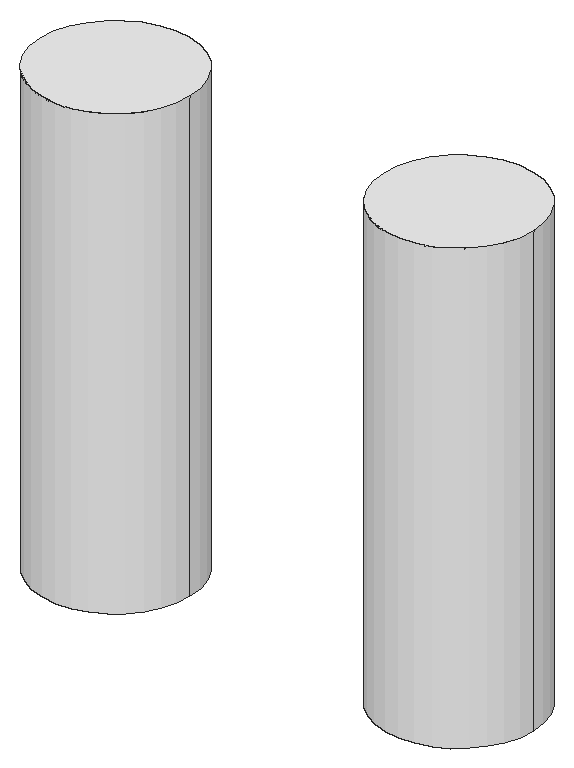
Revit family "92202009(2023)", category Plumbing Fixtures, Revit 2020
Family settings
  Round Connector Dimension = Use Diameter
  Part Type = Normal
  OmniClass Number = 23.45.55.00
  OmniClass Title = Sanitary Faucets, Wastes
  Work Plane-Based = No
  Always vertical = Yes
  Cut with Voids When Loaded = No
  Shared = No
  Room Calculation Point = No
Parameters (values of type "92202009 Washbasin faucet, 230/9 V, Bluetooth")
  Working Pressure = "100 - 1000 kPa"
  WarrantyStartDate [instance] = "n/a"
  WarrantyGuarantorParts = "n/a"
  WarrantyGuarantorLabor = "n/a"
  WarrantyDurationUnit = "Year"
  WarrantyDurationParts = "n/a"
  WarrantyDurationLabor = "n/a"
  WarrantyDescription = "http://warranty.hansa.com"
  Warranty Information URL = "http://warranty.hansa.com"
  VersionDate = "01/06/2023"
  Version = "1"
  ValvePattern = "n/a"
  ValveOperation = "n/a"
  ValveMechanism = "n/a"
  Uniclass2015Reference = "Pr_40_20_87_96"
  Uniclass2015Description = "Washbasin manual water supply sets"
  Uniclass2 = "Pr_40_30_96_96"
  URL WEEE = "http://static.hansa.com/WEEE/92202009"
  URL UWL = "http://static.hansa.com/UWL/92202009"
  URL REACH = "http://static.hansa.com/doc/reach"
  URL EcoLabel Declaration = "http://static.hansa.com/doc/EcoLabel"
  URL EU Packaging Declaration = "http://static.hansa.com/doc/packaging"
  URL Declaration of SCIP = "http://static.hansa.com/doc/SCIP"
  URL Declaration of Conformity = "http://static.hansa.com/DoC/92202009"
  URL Declaration of Asbestos = "http://static.hansa.com/doc/asbestos"
  URL Declaration Of Performance (DOP) = "http://static.hansa.com/doc/DoP"
  URL = ""
  UNSPSC Class Number = "30181700 Faucets or taps"
  Type Comments = ""
  TestPressure = "n/a"
  Temperature Adjustments = "Adjustable hot water stop (included, retrofittable)"
  Technical DataSheet URL = "http://www.hansa.com/datasheet/92202009/en"
  TagNumber [instance] = "n/a"
  SustainabilityPerformance = "n/a"
  Surface treatment = "Chrome"
  Spout Type = "Fixed spout"
  Spout Projection = "117 mm"
  Size = "70x165x135 mm"
  Shape = "Sculptured"
  SerialNumber [instance] = "n/a"
  Sales Package dimensions (LxWxH) = "284 x 191 x 83.5"
  Revision = "n/a"
  ReplacementCost = "n/a"
  Protection Class = "IP 55 / transformer IP 20"
  ProductInformation = "n/a"
  Product URL = "http://static.hansa.com/92202009"
  Product Image URL = "http://static.hansa.com/image/92202009"
  Product Family = "HANSAELECTRA Digital"
  Product Code = "92202009"
  OperatingMechanismMaterial = "n/a"
  Operating Voltage = 9 V
  Operating Distance = "20-130 mm (110/130/160 mm)"
  NominalWidth = 69.286 mm
  NominalHeight = 135.012 mm
  NominalDepth = 163.081 mm
  Noise Class = "I (ISO 3822) "
  Name_en = "92202009 Washbasin faucet, 230/9 V, Bluetooth"
  Name = "92202009 Washbasin faucet, 230/9 V, Bluetooth"
  NBSReference = "45-35-70/371"
  NBSDescription = "Water supply fittings for wash basins and troughs"
  Mounting Holes = "1 hole"
  ModelReference = "92202009"
  ModelNumber = "n/a"
  Model = "92202009 Washbasin faucet, 230/9 V, Bluetooth"
  Mobile Product Information URL = "http://mpi.hansa.com/92202009"
  Mechanical Parts = "Mixing valve for manual temperature control;Non-return valve(s);Litter filter(s)"
  Max. Hot Water Supply = 70 °C
  Max Flow Period = "2 min (1 - 1800 s)"
  Material = "Composite"
  Market = "International;Germany;Austria;Switzerland;Belgium;Netherlands;Italy"
  ManufacturerURL = "http://www.hansa.com"
  ManufacturerName = "HANSA"
  Manufacturer = "HANSA"
  Long Marketing = "Electra 92 series is giving you a whole new modern design with its rounded square body and spout. Giving you new fresh and updated design.\nDesign compliments the new trends of the modern bathroom with its more squared design.\n\nKey Features\nAerator with Tilt function +/- 10° for more flexible installation\nNewest Sensor technology for better detection and operation comfort\nBluetooth technology for easy adjustment to personalize settings \nAntiscalding protection\nTemperature measurement\nDigital Network Service\nPower Plug"
  Lever Handle = "Temperature control handle"
  Keynote = ""
  InstallationDate [instance] = "n/a"
  Installation Type = "Deck mounted"
  InletConnectionSize = 10 mm
  IfcExportType = "FAUCET"  # constant formula
  IfcExportAs = "IfcValveType"  # constant formula
  Group = "Washbasin faucet"
  Grade = "n/a"
  FlowCoefficient = 0
  Flow Rate At 300kPa With Flow Controller = 0.09 L/s
  Flow Drawing URL = "http://static.hansa.com/flowchart/92202009"
  Finish = "Polished"
  Features = "Touchless;Plug transformer;Bluetooth®;Lead free"
  FaucetMainMaterial = Brass
  FDV Document URL = "http://www.hansa.com/datasheet/92202009/en/fdv"
  ExpectedLife = "n/a"
  Electronic Parts = ";Power supply;Light indicated function(s)"
  Electrical Connection = "230 / 9 V"
  ETIM Class Number = "EC010340 Electronic tap"
  EN Standard = "EN 15091"
  EMC Directive = "2014/53/EU , 2011/65/EU"
  EAN Number = "4057304019425"
  DurationUnit = "Year"
  Dimension Drawing URL = "http://static.hansa.com/dimdrw/92202009"
  Description = ""
  DefaultElevation [instance] = 900 mm
  Default Elevation = 0 mm
  Constituents = "n/a"
  Connection Size = "G3/8"
  Connection = "Flexible inlet pipes"
  Color = "Chrome"
  CodePerformance = "n/a"
  CloseOffRating = 0
  Catalog Drawing URL = "http://static.hansa.com/catdrw/92202009"
  Brand = "HANSA"
  BodyMaterial = "Brass"
  Bluetooth = "5.x (D060576)"
  Barcode [instance] = "n/a"
  Backflow Prevention EN1717 = "EB"
  BIMObjectName = "92202009(2023)"
  Automatic Flush Period = "30 s (1-1800 s)"
  Automatic Flush Frequency = "off (off/1-120 h)"
  Author = "BIMStone"
  AssetType = "Fixed"
  AssetIdentifier [instance] = "n/a"
  Afterflow Period = "3 s (1-20 s)"
  Aerator = "PCA® - constant flow rate regardless of pressure variations;Adjustable flow angle"
  Advanced Features = "3S-installation system for safe and simple mounting"
  AccessibilityPerformance = "n/a"
  2D/3D/BIM Files URL = "http://static.hansa.com/bim/92202009"
Reference planes
  plane 1 "Center (Front/Back)": y = 0
  plane 2: z = 0
  plane 3 "Center (Left/Right)": x = 0
  plane 4: x = -27.304
  plane 5: z = 900
  plane 6: z = 870
  plane 7: y = -163.081
  plane 8: x = 27.304
  plane 9: z = 1035.012
  plane 10: x = 41.982
Forms (mm)
  Extrusion 1, solid, material "Brass" <- "FaucetMainMaterial"
    sketch origin (0, -2.393, 0) x (1, 0, 0) y (0, 1, 0)
      loop
        circle (-11.5, -22.5) r 5
      loop
        circle (11.5, -22.5) r 5
    from 870 to 900
Dimensions and locks
  "DefaultElevation": plane 5 to level
  locked: plane 5 to plane 6 at 30
  "NominalDepth": plane 7 to plane 1 "Center (Front/Back)"
  equal spacing: plane 4, plane 3 "Center (Left/Right)", plane 8
  "NominalHeight": plane 9 to plane 5
  locked: plane 8 to plane 10 at 14.678
  "NominalWidth": plane 4 to plane 10
  "InletConnectionSize": diameter of Extrusion 1 sketch curve  (x2)
  aligned and locked: level to plane 2
  aligned and locked: plane 5 to Extrusion 1
  aligned and locked: Extrusion 1 to plane 6
  aligned and locked: plane 1 "Center (Front/Back)" to nested 2
  aligned and locked: plane 3 "Center (Left/Right)" to nested 2
  aligned and locked: plane 3 "Center (Left/Right)" to nested 1
  aligned and locked: plane 1 "Center (Front/Back)" to nested 1
  aligned and locked: plane 5 to nested 2
Automatic sketch dimensions
  Extrusion 1 sketch curve to plane 3 "Center (Left/Right)" = 11.5 mm
  plane 3 "Center (Left/Right)" to Extrusion 1 sketch curve = 11.5 mm
  plane 1 "Center (Front/Back)" to Extrusion 1 sketch curve = 24.893 mm
  Extrusion 1 sketch curve to Extrusion 1 sketch curve = 0 mm
Nested families
  nested 1: "Symbol" at (0, 0, 0), type "Symbol", detail levels coarse
  nested 2: "92202009(2023)_Body" at (0, 0, 900), Material <- "FaucetMainMaterial", type "92202009(2023)_Body"
    with Material Brass
Connectors
  piping at (-11.5, -24.893, 870), diameter 10, driven by "InletConnectionSize"
    settings: on Extrusion 1, index 1, connector inside diameter 609.6 mm, connector length 0 mm, flow factor 0, pipe flow 0.2 L/s, pressure drop 0.0 Pa, fitting loss kfactor 0, connector angle 0.00°, fixture units 0, engagement length 0 mm, angle of deflection 0.00°, flow configuration 1, flow direction 1, fitting loss method 0, system type 19, joint type 0, gender type 0, connector reference index -1, connector utility 0, adjustable connector no, is connector primary yes, connector description ""
  piping at (11.5, -24.893, 870), diameter 10, driven by "InletConnectionSize"
    settings: on Extrusion 1, index 2, connector inside diameter 609.6 mm, connector length 0 mm, flow factor 0, pipe flow 0.2 L/s, pressure drop 0.0 Pa, fitting loss kfactor 0, connector angle 0.00°, fixture units 0, engagement length 0 mm, angle of deflection 0.00°, flow configuration 1, flow direction 1, fitting loss method 0, system type 20, joint type 0, gender type 0, connector reference index -1, connector utility 0, adjustable connector no, is connector primary no, connector description ""
Definition of nested family "Symbol"
  Reference planes
    plane 1: y = 0
    plane 2: x = 0
  Lines and regions (mm)
    detail lines
      curve 1: line (0, 0, 0) -> (0, -1.8, 0)
      curve 2: line (-0.4, -1.1, 0) -> (0.4, -1.1, 0)
      curve 3: line (-0.4, -1.4, 0) -> (0.4, -1.4, 0)
      curve 4: line (0.863, 0, 0) -> (-0.863, 0, 0)
      curve 5: circle (-1.163, 0, 0) r 0.3 normal (0, 0, -1)
      curve 6: circle (1.163, 0, 0) r 0.3 normal (0, 0, 1)
